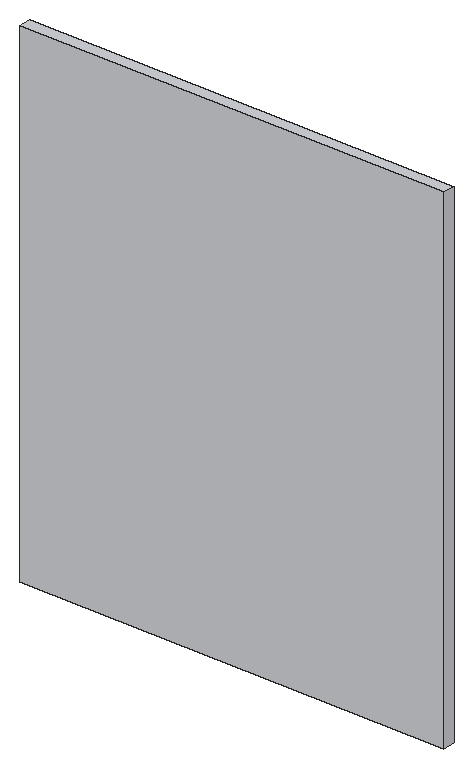
Revit family "Front - Plain", category Casework, Revit 2018
Family settings
  Work Plane-Based = No
  Always vertical = Yes
  Cut with Voids When Loaded = No
  Shared = No
  Room Calculation Point = No
Parameters
  Width = 600 mm
  Swing = yes
  Height = 704 mm
  Front Finish = none
  Depth = 16 mm
  Creator Organization [instance] = "© Danish Educational Content"  # constant formula
  Creator Name [instance] = "© Erik Falck Jørgensen"  # constant formula
  Creator Build [instance] = "2017.0420.0"  # constant formula
  Assembly Code = ""
Reference planes
  plane 1 "Front": y = 0
  plane 2: z = 0
  plane 3 "Center (Left/Right)": x = 0
  plane 4: x = -300
  plane 5: x = 300
  plane 6: z = 704
Forms (mm)
  Extrusion 1, solid, material <- "Front Finish"
    sketch origin (0, 0, 0) x (1, 0, 0) y (0, 0, 1)
      loop
        line (-297, 701) -> (-297, 3) -> (297, 3) -> (297, 701) -> (-297, 701)
    from 0 to 16 <- "Depth"
Lines and regions (mm)
  reference lines
    curve 1: line (-300, 0, 0) -> (392.82, -400, 0)
  symbolic lines, style "Elevation Swing", visible <- "Swing"
    curve 2: line (-300, 0, 0) -> (219.615, -300, 0)
    curve 3: arc (300, 0, 0) -> (279.555, -155.291, 0) -> (219.615, -300, 0) r 600
Dimensions and locks
  equal spacing: plane 4, plane 3 "Center (Left/Right)", plane 5
  "Width": plane 4 to plane 5
  "Height": plane 6 to plane 2
  locked: Extrusion 1 sketch curve to plane 2 at 3
  locked: plane 6 to Extrusion 1 sketch curve at 3
  locked: Extrusion 1 sketch curve to plane 4 at 3
  locked: plane 5 to Extrusion 1 sketch curve at 3
  locked: curve 1 to plane 1 "Front" (angle 30.00°)
  aligned and locked: level to plane 2
  aligned and locked: curve 2 to curve 1
Automatic sketch dimensions
  plane 1 "Front" to curve 1 = 0 mm
  curve 1 to plane 4 = 0 mm
  plane 1 "Front" to curve 3 = 0 mm
  curve 3 to plane 4 = 0 mm
  plane 1 "Front" to curve 2 = 0 mm
  curve 3 to plane 5 = 0 mm
